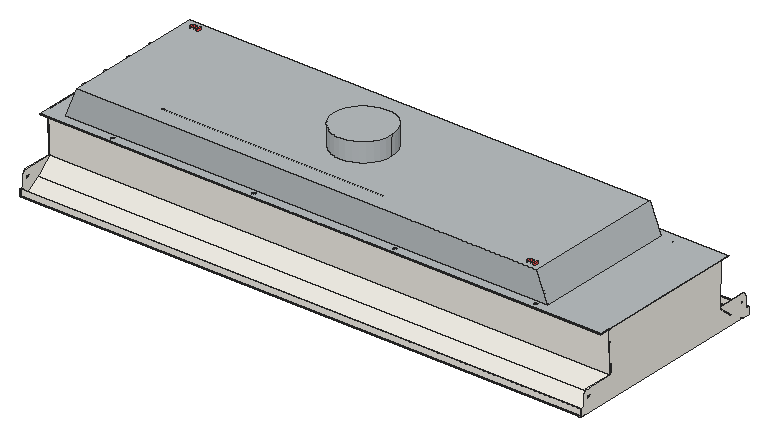
Revit family "NLRS_57_AIR_UN_induction-unit-okni450_LT_sacs", category Mechanical Equipment, Revit 2020
Family settings
  Round Connector Dimension = Use Diameter
  Classification = None
  Part Type = Normal
  OmniClass Number = 23.75.00.00
  OmniClass Title = Climate Control (HVAC)
  Work Plane-Based = No
  Always vertical = Yes
  Cut with Voids When Loaded = No
  Shared = No
  Room Calculation Point = No
Parameters (values of type "450-1200")
  Type Comments = "Do not mirror the model!"  # constant formula
  SACS_Type_Toggle = no
  SACS_Type_Mark [instance] = ""
  SACS_Standard_Color [instance] = yes
  SACS_Real_Width = 445.00 mm  # constant formula
  SACS_Real_Length [instance] = if(Requested length < SACS_Length_X2, SACS_Length_X2, if(Requested length > 2995.00 mm, 2995.00 mm, Requested length))  # 1195.00 mm
  SACS_Plenum_Offset = 555.00 mm
  SACS_Plenum_Material = Sendzimir verzinkt
  SACS_Plenum_L = 980.00 mm
  SACS_Option_4 [instance] = if([Flow configuration (1-3)] < 2, "2-sided", if([Flow configuration (1-3)] = 2, "1-sided left", "1-sided right"))  # "2-sided"
  SACS_Option_2 [instance] = if(Extravent, "AD", if([Nozzle plate type (1-7)] < 2, "A1", if([Nozzle plate type (1-7)] = 2, "A2", if([Nozzle plate type (1-7)] = 3, "B1", if([Nozzle plate type (1-7)] = 4, "B2", if([Nozzle plate type (1-7)] = 5, "B3", if([Nozzle plate type (1-7)] = 6, "C1", "C2")))))))  # "A1"
  SACS_Offset2 = 35.00 mm  # constant formula
  SACS_Offset1 = if(SACS_Base_Index > 2, 55.00 mm, 35.00 mm)  # 35.00 mm
  SACS_Model [instance] = size_lookup(SACS_Data_Hidden, "Model", "NB", SACS_Base_Index * 1.00 mm, SACS_Index1, SACS_Index2, SACS_Index3, SACS_Index4, SACS_Real_Width, SACS_Index5, SACS_Index6)  # "OKNI 450/1200 A1K2 TO32 O1O 445x1195 RAL9010-55"
  SACS_Logo_X = SACS_Plenum_L / 2 - 25.00 mm  # 465.00 mm
  SACS_Length_X2 = 1090.00 mm
  SACS_Length_X [instance] = if(or(SACS_Base_Index = 2, and(not(Extravent), SACS_Base_Index < 4)), 225.00 mm, 300.00 mm)  # 225.00 mm
  SACS_Length_STD = 1195.00 mm
  SACS_Index6 [instance] = if(SACS_Standard_Color, 1.00 mm, 0.00 mm)  # 1.00 mm
  SACS_Index5 [instance] = if(SACS_Real_Length = SACS_Length_STD, SACS_Length_STD, 0.00 mm)  # 1195.00 mm
  SACS_Index4 [instance] = if([Plenum type (1-3)] < 2, 1.00 mm, if([Plenum type (1-3)] = 2, 2.00 mm, 3.00 mm))  # 1.00 mm
  SACS_Index3 [instance] = if([Flow configuration (1-3)] < 2, 1.00 mm, if([Flow configuration (1-3)] = 2, 2.00 mm, 3.00 mm))  # 1.00 mm
  SACS_Index2 [instance] = if([Heat exchanger type (1-3)] < 2, 1.00 mm, if([Heat exchanger type (1-3)] = 2, 2.00 mm, 3.00 mm))  # 1.00 mm
  SACS_Index1 [instance] = if(Extravent, 0.00 mm, if([Nozzle plate type (1-7)] < 2, 1.00 mm, if([Nozzle plate type (1-7)] > 6, 7.00 mm, [Nozzle plate type (1-7)] * 1.00 mm)))  # 1.00 mm
  SACS_Height2 [instance] = if(Extravent, 80.00 mm, 60.00 mm)  # 60.00 mm
  SACS_Height1 [instance] = if(or(and(not(Extravent), SACS_Base_Index < 4), SACS_Base_Index = 1), 265.00 mm, if(SACS_Base_Index = 5, 340.00 mm, 300.00 mm))  # 265.00 mm
  SACS_Flange_Color [instance] = RAL9010
  SACS_Face_Color [instance] = RAL9010 Perforated
  SACS_Data_Hidden [instance] = if(Extravent, "OKNI_450_Extravent", "OKNI_450_Fixed")  # "OKNI_450_Fixed"
  SACS_Custom_Color [instance] = ""
  SACS_Connector_Base_Rotation [instance] = if([Plenum type (1-3)] < 2, 90.00°, if([Plenum type (1-3)] = 2, 180.00°, 0.00°))  # 90.00°
  SACS_Connecter_Height_Offset [instance] = if([Plenum type (1-3)] > 1, (SACS_Height1 - SACS_Diameter / 2) - 2.00 mm, SACS_Height2 - 14.00 mm)  # 46.00 mm
  SACS_Color_Ral [instance] = yes
  SACS_Color [instance] = if(SACS_Standard_Color, "Ral 9010-55", SACS_Custom_Color)  # "Ral 9010-55"
  SACS_Base_Index = 1
  SACS_Article_Code [instance] = size_lookup(SACS_Data_Hidden, "", "NB", SACS_Base_Index * 1.00 mm, SACS_Index1, SACS_Index2, SACS_Index3, SACS_Index4, SACS_Real_Width, SACS_Index5, SACS_Index6)  # "NB"
  SA-Select [instance] = "https://selectietool.solid-air.nl/Dashboard/CPMDashPage/Show/6"
  NLRS_P_c04_diameter [instance] = NLRS_P_c03_diameter  # 12.00 mm
  NLRS_P_c03_volumestroom [instance] = 0.0 L/s
  NLRS_P_c03_drukverlies_statisch [instance] = 0.0 Pa
  NLRS_P_c03_diameter [instance] = 12.00 mm  # constant formula
  NLRS_P_c02_diameter [instance] = NLRS_P_c01_diameter  # 12.00 mm
  NLRS_P_c01_volumestroom [instance] = 0.0 L/s
  NLRS_P_c01_drukverlies_statisch [instance] = 0.0 Pa
  NLRS_P_c01_diameter [instance] = if(SACS_Base_Index < 3, 12.00 mm, 15.00 mm)  # 12.00 mm
  NLRS_M_c01_drukverlies_statisch [instance] = 0.0 Pa
  NLRS_M_c01_debiet [instance] = 0.0 L/s
  NLRS_C_model [instance] = SACS_Model  # "OKNI 450/1200 A1K2 TO32 O1O 445x1195 RAL9010-55"
  NLRS_C_materiaal_kleur [instance] = SACS_Color  # "Ral 9010-55"
  NLRS_C_content_versie = "3.20.01"  # constant formula
  NLRS_C_content_provider = "Solid Air Climate Solutions"  # constant formula
  NLRS_C_content_datum_uitgifte = "30-05-2023"  # constant formula
  NLRS_C_content_creator = "J. Feeke"  # constant formula
  Model = "Solid Air Induction Unit OKNI 450"  # constant formula
  Minumum length OKNI [instance] = SACS_Length_X2  # 1090.00 mm
  Manufacturer = "Solid Air Climate Solutions"  # constant formula
  LoadBearing = 1 = 0  # no
  IfcExportType = "DIFFUSER"  # constant formula
  IfcExportAs = "IfcAirTerminalType"  # constant formula
  IfcDescription = Description  # "Induction unit for use in modular ceilings, Type OKNI 450"
  Heat exchanger type (1-3) [instance] = 1
  Nozzle plate type (1-7) [instance] = 1
  Plenum type (1-3) [instance] = 1
  Flow configuration (1-3) [instance] = 1
  Requested length [instance] = 1195.00 mm
  URL = "https://solid-air.nl/producten/solid-air-inductie-units-okni-450-600/"
  SACS_Option_3 [instance] = if([Heat exchanger type (1-3)] < 2, "K (cooling)", if([Heat exchanger type (1-3)] = 2, "V (cooling & heating)", "O (none)"))  # "K (cooling)"
  SACS_Option_1 [instance] = if(not(Extravent), "Fixed", "Adjustable")  # "Fixed"
  SACS_Diameter [instance] = NLRS_M_c01_diameter - 2.00 mm  # 123.00 mm
  SACS_Connection_Side [instance] = if([Plenum type (1-3)] < 2, "T (top connection)", if([Plenum type (1-3)] = 2, "L (left)", "R (right)"))  # "T (top connection)"
  SACS_Checked_Array_Count [instance] = if(SACS_Real_Length / 300.00 mm < 2, 2, SACS_Real_Length / 300.00 mm)  # 4
  NLRS_M_c01_diameter [instance] = if(SACS_Base_Index = 1, 125.00 mm, if(SACS_Base_Index = 5, 200.00 mm, if(Extravent, 160.00 mm, if(SACS_Base_Index = 4, 160.00 mm, 125.00 mm))))  # 125.00 mm
  FireRating = "00"  # constant formula
  Description = "Induction unit for use in modular ceilings, Type OKNI 450"  # constant formula
  Default Elevation = 0.00 mm
  Ceiling raster width [instance] = SACS_Real_Width + 5.00 mm  # 450.00 mm
  Ceiling raster length [instance] = SACS_Real_Length + 5.00 mm  # 1200.00 mm
  Assembly Code = "57.00"
  Extravent [instance] = no
Types (6, lengths in mm): name | SACS_Real_Length | SACS_Plenum_Offset | SACS_Plenum_L | SACS_Offset1 | SACS_Model | SACS_Logo_X | SACS_Length_X2 | SACS_Length_X | SACS_Length_STD | SACS_Index5 | SACS_Height1 | SACS_Base_Index | SACS_Article_Code | NLRS_P_c02_diameter | NLRS_P_c01_diameter | NLRS_C_model | Minumum length OKNI | Requested length | SACS_Diameter | SACS_Checked_Array_Count | NLRS_M_c01_diameter | Ceiling raster length
  (no name) | 1195.00 | 555.00 | 980.00 | 35.00 | "OKNI 450/1200 A1K2 TO32 O1O 445x1195 RAL9010-55" | 465.00 | 1090.00 | 225.00 | 1195.00 | 1195.00 | 265.00 | 1 | "NB" | 12.00 | 12.00 | "OKNI 450/1200 A1K2 TO32 O1O 445x1195 RAL9010-55" | 1090.00 | 1195.00 | 123.00 | 4 | 125.00 | 1200.00
  450-1200 | 1195.00 | 555.00 | 980.00 | 35.00 | "OKNI 450/1200 A1K2 TO32 O1O 445x1195 RAL9010-55" | 465.00 | 1090.00 | 225.00 | 1195.00 | 1195.00 | 265.00 | 1 | "NB" | 12.00 | 12.00 | "OKNI 450/1200 A1K2 TO32 O1O 445x1195 RAL9010-55" | 1090.00 | 1195.00 | 123.00 | 4 | 125.00 | 1200.00
  450-1500 | 1495.00 | 705.00 | 1280.00 | 35.00 | "OKNI 450/1500 A1K2 TO32 O1O 445x1495 RAL9010-55" | 615.00 | 1390.00 | 225.00 | 1495.00 | 1495.00 | 265.00 | 2 | "NB" | 12.00 | 12.00 | "OKNI 450/1500 A1K2 TO32 O1O 445x1495 RAL9010-55" | 1390.00 | 1495.00 | 123.00 | 5 | 125.00 | 1500.00
  450-1800 | 1795.00 | 840.00 | 1510.00 | 55.00 | "OKNI 450/1800 A1K2 TO32 O1O 445x1795 RAL9010-55" | 730.00 | 1640.00 | 225.00 | 1795.00 | 1795.00 | 265.00 | 3 | "9001001456" | 15.00 | 15.00 | "OKNI 450/1800 A1K2 TO32 O1O 445x1795 RAL9010-55" | 1640.00 | 1795.00 | 123.00 | 6 | 125.00 | 1800.00
  450-2400 | 2395.00 | 1140.00 | 2110.00 | 55.00 | "OKNI 450/2400 A1K2 TO42 O1O 445x2395 RAL9010-55" | 1030.00 | 2240.00 | 300.00 | 2395.00 | 2395.00 | 300.00 | 4 | "NB" | 15.00 | 15.00 | "OKNI 450/2400 A1K2 TO42 O1O 445x2395 RAL9010-55" | 2240.00 | 2395.00 | 158.00 | 8 | 160.00 | 2400.00
  450-3000 | 2995.00 | 1440.00 | 2710.00 | 55.00 | "OKNI 450/3000 A1K2 TO52 O1O 445x2995 RAL9010-55" | 1330.00 | 2840.00 | 300.00 | 2995.00 | 2995.00 | 340.00 | 5 | "NB" | 15.00 | 15.00 | "OKNI 450/3000 A1K2 TO52 O1O 445x2995 RAL9010-55" | 2840.00 | 2995.00 | 198.00 | 10 | 200.00 | 3000.00
Reference planes
  plane 1 "Center (Front/Back)": y = 0
  plane 2: z = 0
  plane 3 "Center (Left/Right)": x = 0
  plane 4 "Grid_Length_Left": x = -600
  plane 5 "Grid_Length_Right": x = 600
  plane 6 "Front": y = -222.5
  plane 7 "Line_Offset": z = 46
  plane 8 "Back": y = 222.5
  plane 9: x = -597.5
  plane 10: x = 597.5
  plane 11 "Left Holes": x = -450
  plane 12 "Hole_offset": x = -150
  plane 13 "Center_Plenum_X": x = -45
  plane 14 "Grid_Width_Back": y = 225
  plane 15 "Grid_Width_Front": y = -225
Forms (mm)
  Extrusion 1, solid, material "RAL9010 Perforated" <- "SACS_Face_Color", detail levels medium+fine
    sketch origin (-72.5, 50, 0) x (1, 0, 0) y (0, 1, 0)
      loop
        line (-524, 48.45) -> (-524, -148.45) -> (669, -148.45) -> (669, 48.45) -> (-524, 48.45)
    from 1 to 2
  Extrusion 2, solid, material "Sendzimir verzinkt" <- "SACS_Plenum_Material", detail levels medium+fine
    sketch origin (0, 0, 0) x (1, 0, 0) y (0, 1, 0)
      loop
        line (-597.5, 169.5) -> (-597.5, -169.5) -> (597.5, -169.5) -> (597.5, 169.5) -> (-597.5, 169.5)
    from 135 to 136
  Extrusion 3, solid, material "Copper", detail levels medium+fine
    sketch origin (0, 0, 0) x (1, 0, 0) y (0, 1, 0)
      loop
        circle (-565, 88) r 6
      loop
        circle (-565, 30) r 6
      loop
        circle (-565, -30) r 6
      loop
        circle (-565, -88) r 6
    from 136 to 166
  Sweep 4, solid, material "RAL9010" <- "SACS_Flange_Color", detail levels medium+fine
    path in 3D
      loop
        line (-596.5, 0, 0) -> (596.5, 0, 0)
    profile "profile okni_Side 450 : profile okni_Side 450" origin (0, 0, 0) x (0, 1, 0) y (0, 0, 1)
      loop
        line (222.5, 1.75) -> (222.5, 16) -> (221.5, 16) -> (221.5, 1.824)
        arc (221.5, 1.824) -> (221.24, 1.197) -> (220.614, 0.937) r 0.886
        line (220.614, 0.937) -> (208.005, 0.937) -> (175.926, 20.088) -> (145.5, 47) -> (149.5, 133.991) -> (169.5, 133.991) -> (169.5, 135) -> (148.545, 135) -> (144.479, 46.568) -> (175.333, 19.277) -> (207.624, 0) -> (220.75, 0)
        arc (220.75, 0) -> (221.987, 0.513) -> (222.5, 1.75) r 1.75
      loop
        line (98.45, 0.7) -> (152.05, 0.7)
        arc (152.05, 0.7) -> (153.982, 2.182) -> (153.051, 4.432) r 2
        line (153.051, 4.432) -> (117.75, 24.834)
        arc (117.75, 24.834) -> (117.384, 25.2) -> (117.25, 25.7) r 1
        line (117.25, 25.7) -> (117.25, 68.25) -> (116.25, 68.25) -> (116.25, 25.7)
        arc (116.25, 25.7) -> (116.518, 24.7) -> (117.249, 23.968) r 2
        line (117.249, 23.968) -> (152.55, 3.566)
        arc (152.55, 3.566) -> (153.016, 2.441) -> (152.05, 1.7) r 1
        line (152.05, 1.7) -> (98.45, 1.7) -> (98.45, 0.7)
      loop
        line (-98.45, 0.7) -> (-98.45, 1.7) -> (-151.767, 1.7)
        arc (-151.767, 1.7) -> (-152.733, 2.441) -> (-152.268, 3.566) r 1
        line (-152.268, 3.566) -> (-117.249, 23.968)
        arc (-117.249, 23.968) -> (-116.518, 24.7) -> (-116.25, 25.7) r 2
        line (-116.25, 25.7) -> (-116.25, 68.25) -> (-117.25, 68.25) -> (-117.25, 25.7)
        arc (-117.25, 25.7) -> (-117.384, 25.2) -> (-117.75, 24.834) r 1
        line (-117.75, 24.834) -> (-152.768, 4.432)
        arc (-152.768, 4.432) -> (-153.699, 2.182) -> (-151.767, 0.7) r 2
        line (-151.767, 0.7) -> (-98.45, 0.7)
      loop
        arc (-222.5, 1.75) -> (-221.987, 0.513) -> (-220.75, 0) r 1.75
        line (-220.75, 0) -> (-207.624, 0) -> (-175.333, 19.277) -> (-144.479, 46.568) -> (-148.545, 135) -> (-169.5, 135) -> (-169.5, 133.991) -> (-149.5, 133.991) -> (-145.5, 47) -> (-175.926, 20.088) -> (-208.005, 0.937) -> (-220.614, 0.937)
        arc (-220.614, 0.937) -> (-221.24, 1.197) -> (-221.5, 1.824) r 0.886
        line (-221.5, 1.824) -> (-221.5, 16) -> (-222.5, 16) -> (-222.5, 1.75)
  Extrusion 5, solid, material "Sendzimir verzinkt" <- "SACS_Plenum_Material", detail levels medium+fine
    sketch origin (-45, 0, 196) x (1, 0, 0) y (0, 1, 0)
      loop
        circle (0, 0.066) r 61.5
    from 0 to 40
Lines and regions (mm)
  model lines, style "MechanicalEquipmentHiddenLines", not visible
    curve 1: line (-596.5, 0, 0) -> (596.5, 0, 0)
  sketch lines
    curve 2: line (-596.5, 0, 0) -> (596.5, 0, 0)
  reference lines
    curve 3: line (-45, 0, 46) -> (-45, 0, 196)
Dimensions and locks
  "SACS_Connecter_Height_Offset": plane 7 "Line_Offset" to level
  equal spacing: Extrusion 3 sketch curve, plane 1 "Center (Front/Back)", Extrusion 3 sketch curve  (x2)
  locked: Extrusion 3 sketch curve to Extrusion 3 sketch curve at 60
  "SACS_Offset1": plane 4 "Grid_Length_Left" to Extrusion 3 sketch curve  (x2)
  locked: Extrusion 3 sketch curve to Extrusion 3 sketch curve at 176
  plane 1 "Center (Front/Back)" to Extrusion 1 sketch curve = 98.45 mm  (x2)
  locked: Extrusion 1 sketch curve to plane 5 "Grid_Length_Right" at 3.5
  locked: plane 4 "Grid_Length_Left" to Extrusion 1 sketch curve at 3.5
  equal spacing: plane 4 "Grid_Length_Left", plane 3 "Center (Left/Right)", plane 5 "Grid_Length_Right"
  "Ceiling raster length": plane 4 "Grid_Length_Left" to plane 5 "Grid_Length_Right"
  locked: plane 4 "Grid_Length_Left" to plane 11 "Left Holes" at 150
  locked: plane 11 "Left Holes" to plane 12 "Hole_offset" at 300
  equal spacing: group 1, group 2, group 3, group 4  (x3)
  "SACS_Offset2": plane 4 "Grid_Length_Left" to Extrusion 3 sketch curve  (x2)
  locked: plane 4 "Grid_Length_Left" to plane 9 at 2.5
  locked: plane 10 to plane 5 "Grid_Length_Right" at 2.5
  Extrusion 2 sketch curve to plane 1 "Center (Front/Back)" to Extrusion 2 sketch curve = 169.50 mm locked, 169.50 mm locked
  locked: curve 1 to plane 5 "Grid_Length_Right" at 3.5
  locked: curve 1 to plane 4 "Grid_Length_Left" at 3.5
  "SACS_Plenum_Offset": plane 4 "Grid_Length_Left" to plane 13 "Center_Plenum_X"
  locked: curve 3 to curve 3 at 150
  locked: curve 3 to plane 7 "Line_Offset"
  locked: curve 3 to plane 1 "Center (Front/Back)"
  nested 7 to level = 196.00 mm
  equal spacing: plane 14 "Grid_Width_Back", plane 1 "Center (Front/Back)", plane 15 "Grid_Width_Front"
  "Ceiling raster width": plane 14 "Grid_Width_Back" to plane 15 "Grid_Width_Front"
  locked: plane 14 "Grid_Width_Back" to plane 8 "Back" at 2.5
  locked: plane 6 "Front" to plane 15 "Grid_Width_Front" at 2.5
  "SACS_Logo_X": nested 9 to plane 13 "Center_Plenum_X"
  plane 13 "Center_Plenum_X" to nested 10 = 468.00 mm
  locked: plane 1 "Center (Front/Back)" to nested 9 at 135
  locked: nested 10 to plane 1 "Center (Front/Back)" at 135
  "NLRS_P_c01_diameter": diameter of Extrusion 3 sketch curve  (x2)
  "NLRS_P_c03_diameter": diameter of Extrusion 3 sketch curve  (x2)
  "SACS_Diameter": diameter of Extrusion 5 sketch curve
  "SACS_Connector_Base_Rotation": angle curve 3 to plane 7 "Line_Offset"
  aligned and locked: level to plane 2
  aligned and locked: plane 11 "Left Holes" to nested 1
  aligned and locked: plane 12 "Hole_offset" to nested 2
  aligned and locked: Extrusion 2 sketch curve to plane 10
  aligned and locked: plane 9 to Extrusion 2 sketch curve
  aligned and locked: plane 13 "Center_Plenum_X" to nested 7
  aligned and locked: plane 1 "Center (Front/Back)" to nested 7
  aligned and locked: plane 3 "Center (Left/Right)" to nested 8
  aligned and locked: nested 8 to plane 1 "Center (Front/Back)"
  aligned and locked: nested 5 to plane 1 "Center (Front/Back)"
  aligned and locked: nested 5 to plane 9
  aligned and locked: plane 1 "Center (Front/Back)" to nested 6
  aligned and locked: plane 10 to nested 6
Automatic sketch dimensions
  plane 1 "Center (Front/Back)" to curve 1 = 0.00 mm
  Extrusion 5 sketch curve to plane 13 "Center_Plenum_X" = 0.00 mm
  Extrusion 5 sketch curve to plane 1 "Center (Front/Back)" = 0.066 mm
Nested families
  nested 1: "Okni_hanger_holes 450" at (-450, 0, 136), type "Okni_hanger_holes"
  nested 2: "Okni_hanger_holes 450" at (-150, 0, 136), type "Okni_hanger_holes"
  nested 3: "Okni_hanger_holes 450" at (150, 0, 136), type "Okni_hanger_holes"
  nested 4: "Okni_hanger_holes 450" at (450, 0, 136), type "Okni_hanger_holes"
  nested 5: "Okni_Sideplate 450" at (-596.5, 0, 0) x (-1, 0, 0) z (0, 0, 1), type "Okni_Sideplate 450", detail levels medium+fine
  nested 6: "Okni_Sideplate 450" at (596.5, 0, 0), type "Okni_Sideplate 450", detail levels medium+fine
  nested 7: "Okni_Plenum 450" at (-45, 0, 136), type "Okni_Plenum", detail levels medium+fine
  nested 8: "Supply_Arrows_OKNI" at (0, 0, 0) x (0, 1, 0) z (0, 0, 1), type "Supply_Arrows_OKNI"
  nested 9: "logo_single" at (-510, 135, 196), type "logo_single", detail levels medium+fine
  nested 10: "logo_single" at (423, -135, 196), type "logo_single", detail levels medium+fine
Connectors
  hvac at (-45, 0.066, 196), driven by "NLRS_M_c01_diameter", driven by "NLRS_M_c01_debiet", driven by "NLRS_M_c01_drukverlies_statisch"
    settings: on Extrusion 5, index 1, duct flow 0.0 L/s, flow factor 0, pres drop 0.0 Pa, loss coef 0, conn angle 0.00°, conn width 304.8 mm, conn height 304.8 mm, conn diameter 125 mm, duct sys type 1, conn prof type 0, flow config 1, flow direction 1, loss method 4, conn ref index -1, conn util no, is conn primary yes, conn desc ""
  piping at (-565, 30, 166), diameter 12, driven by "NLRS_P_c01_diameter", driven by "NLRS_P_c01_volumestroom", driven by "NLRS_P_c01_drukverlies_statisch"
    settings: on Extrusion 3, index 2, connector inside diameter 609.6 mm, connector length 0.00 mm, flow factor 0, pipe flow 0.0 L/s, pressure drop 0.0 Pa, fitting loss kfactor 0, connector angle 0.00°, fixture units 0, engagement length 0.00 mm, angle of deflection 0.00°, flow configuration 1, flow direction 0, fitting loss method 4, system type 29, joint type 0, gender type 0, connector reference index -1, connector utility 0, adjustable connector no, is connector primary yes, connector description "Heating"
  piping at (-565, -30, 166), diameter 12, driven by "NLRS_P_c01_diameter", driven by "NLRS_P_c01_volumestroom", driven by "NLRS_P_c01_drukverlies_statisch"
    settings: on Extrusion 3, index 3, connector inside diameter 609.6 mm, connector length 0.00 mm, flow factor 0, pipe flow 0.0 L/s, pressure drop 0.0 Pa, fitting loss kfactor 0, connector angle 0.00°, fixture units 0, engagement length 0.00 mm, angle of deflection 0.00°, flow configuration 1, flow direction 0, fitting loss method 4, system type 29, joint type 0, gender type 0, connector reference index -1, connector utility 0, adjustable connector no, is connector primary no, connector description "Heating"
  piping at (-565, 88, 166), diameter 12, driven by "NLRS_P_c03_diameter", driven by "NLRS_P_c03_volumestroom", driven by "NLRS_P_c03_drukverlies_statisch"
    settings: on Extrusion 3, index 4, connector inside diameter 609.6 mm, connector length 0.00 mm, flow factor 0, pipe flow 0.0 L/s, pressure drop 0.0 Pa, fitting loss kfactor 0, connector angle 0.00°, fixture units 0, engagement length 0.00 mm, angle of deflection 0.00°, flow configuration 1, flow direction 0, fitting loss method 4, system type 29, joint type 0, gender type 0, connector reference index -1, connector utility 0, adjustable connector no, is connector primary no, connector description "Cooling"
  piping at (-565, -88, 166), diameter 12, driven by "NLRS_P_c03_diameter", driven by "NLRS_P_c03_volumestroom", driven by "NLRS_P_c03_drukverlies_statisch"
    settings: on Extrusion 3, index 5, connector inside diameter 609.6 mm, connector length 0.00 mm, flow factor 0, pipe flow 0.0 L/s, pressure drop 0.0 Pa, fitting loss kfactor 0, connector angle 0.00°, fixture units 0, engagement length 0.00 mm, angle of deflection 0.00°, flow configuration 1, flow direction 0, fitting loss method 4, system type 29, joint type 0, gender type 0, connector reference index -1, connector utility 0, adjustable connector no, is connector primary no, connector description "Cooling"
Definition of nested family "Okni_Sideplate 450"
  Parameters (values of type "Okni_Sideplate 450")
    y8 = 31.50 mm  # constant formula
    y7 = 135.00 mm  # constant formula
    y6 = 16.00 mm  # constant formula
    y3 = 1.00 mm  # constant formula
    y1 = 47.00 mm  # constant formula
    x6 = 291.00 mm / 2  # 145.50 mm
    x5 = 409.00 mm / 2  # 204.50 mm
    x4 = 418.00 mm / 2  # 209.00 mm
    x3 = 431.00 mm / 2  # 215.50 mm
    x2 = 416.00 mm / 2  # 208.00 mm
    x1 = 299.00 mm / 2  # 149.50 mm
    material = none
    y2 = 40.00 mm  # constant formula
    Type_400 = yes
    Half_Width = if(Type_400, 443.00 mm, 293.00 mm) / 2  # 221.50 mm
    Default Elevation = 0.00 mm
  Reference planes
    plane 1 "Center (Front/Back)": y = 0
    plane 2: z = 0
    plane 3 "Center (Left/Right)": x = 0
  Forms (mm)
    Extrusion 1, solid, material <- "material"
      sketch origin (0, 0, 0) x (0, 1, 0) y (0, 0, 1)
        loop
          line (0, 0) -> (208, 0) -> (208, 1) -> (221.5, 1) -> (221.5, 16) -> (215.5, 16) -> (215.5, 40) -> (209, 47) -> (145.5, 47) -> (149.5, 135) -> (0, 135) -> (-149.5, 135) -> (-145.5, 47) -> (-209, 47) -> (-215.5, 40) -> (-215.5, 16) -> (-221.5, 16) -> (-221.5, 1) -> (-208, 1) -> (-208, 0) -> (0, 0)
        loop
          circle (204.5, 31.5) r 4
        loop
          circle (-204.5, 31.5) r 4
      from 0 to 1
    Extrusion 2, solid, material <- "material"
      sketch origin (0, 0, 0) x (1, 0, 0) y (0, 1, 0)
        loop
          line (-13.8, 208) -> (-13.8, -208) -> (0, -208) -> (0, 208) -> (-13.8, 208)
      from 0 to 1
  Cuts and joins
    joined: Extrusion 1, Extrusion 2
  Dimensions and locks
    "y3": Extrusion 1 sketch curve to Extrusion 1 sketch curve  (x2)
    "y6": Extrusion 1 sketch curve to Extrusion 1 sketch curve  (x2)
    "y1": Extrusion 1 sketch curve to Extrusion 1 sketch curve  (x2)
    "y2": Extrusion 1 sketch curve to Extrusion 1 sketch curve  (x2)
    "y7": Extrusion 1 sketch curve to Extrusion 1 sketch curve  (x2)
    "x1": Extrusion 1 sketch curve to plane 1 "Center (Front/Back)" to Extrusion 1 sketch curve
    "x3": Extrusion 1 sketch curve to plane 1 "Center (Front/Back)" to Extrusion 1 sketch curve
    "x2": Extrusion 1 sketch curve to plane 1 "Center (Front/Back)" to Extrusion 1 sketch curve
    "Half_Width": Extrusion 1 sketch curve to plane 1 "Center (Front/Back)" to Extrusion 1 sketch curve
    "x2": plane 1 "Center (Front/Back)" to Extrusion 2 sketch curve
    "x2": Extrusion 2 sketch curve to plane 1 "Center (Front/Back)"
    "y8": Extrusion 1 sketch curve to level  (x2)
    "x5": Extrusion 1 sketch curve to plane 1 "Center (Front/Back)"
    "x5": plane 1 "Center (Front/Back)" to Extrusion 1 sketch curve
    "x4": Extrusion 1 sketch curve to plane 1 "Center (Front/Back)" to Extrusion 1 sketch curve
    "x6": Extrusion 1 sketch curve to plane 1 "Center (Front/Back)" to Extrusion 1 sketch curve
    locked: Extrusion 2 sketch curve to plane 3 "Center (Left/Right)" at 13.8
    aligned and locked: level to plane 2
  Automatic sketch dimensions
    Extrusion 1 sketch curve to plane 1 "Center (Front/Back)" = 0.00 mm  (x2)
    Extrusion 1 sketch curve to level = 0.00 mm
    Extrusion 2 sketch curve to plane 3 "Center (Left/Right)" = 0.00 mm
    radius of Extrusion 1 sketch curve = 4.00 mm  (x2)
Definition of nested family "Okni_Plenum 450"
  Parameters (values of type "Okni_Plenum")
    material = none
    Type_Left = Connection_Type = 2  # no
    Show_Plenum = Connection_Type > 1  # no
    Plenum_Width = 225.00 mm
    Plenum_Top_Height = Plenum_H - 135.00 mm  # 130.00 mm
    Plenum_H = 265.00 mm
    Plenum_Base_Width = 980.00 mm
    Plenum_Base_Height = 60.00 mm
    Plenum_Base_Angle = if(Plenum_Base_Height = 40.00 mm, 60.00°, 69.00°)  # 69.00°
    Default Elevation = 0.00 mm
    Connection_Type = 1
    B = 300.00 mm  # constant formula
    Angle_Right = if(Type_Left, 90.00°, 40.00°)  # 40.00°
    Angle_Left = if(Type_Left, 40.00°, 90.00°)  # 90.00°
  Reference planes
    plane 1 "Center (Front/Back)": y = 0
    plane 2: z = 0
    plane 3 "Center (Left/Right)": x = 0
    plane 4: y = 150
    plane 5: y = -150
    plane 6: z = 130
    plane 7: x = -112.5
    plane 8: x = 112.5
    plane 9 "left": x = -490
    plane 10: x = 490
    plane 11: z = 60
  Forms (mm)
    Extrusion 1, solid, material <- "material", visible <- "Show_Plenum"
      sketch origin (0, 0, 40) x (0, 1, 0) y (0, 0, 1)
        loop
          line (150, 20) -> (150, 90) -> (-66.577, 90) -> (-150, 20) -> (150, 20)
      from -112.5 to 112.5
    Extrusion 2, solid, material <- "material"
      sketch origin (0, 0, 0) x (1, 0, 0) y (0, 0, 1)
        loop
          line (-490, 60) -> (-513.032, 0) -> (513.032, 0) -> (490, 60) -> (-490, 60)
      from -150 to 150
  Dimensions and locks
    plane 4 to plane 1 "Center (Front/Back)" = 150.00 mm
    plane 1 "Center (Front/Back)" to plane 5 = 150.00 mm
    equal spacing: plane 7, plane 3 "Center (Left/Right)", plane 8
    "Plenum_Width": plane 7 to plane 8
    equal spacing: plane 9 "left", plane 3 "Center (Left/Right)", plane 10
    "Plenum_Base_Width": plane 9 "left" to plane 10
    "Plenum_Base_Height": plane 11 to level
    "Plenum_Top_Height": plane 6 to level
    equal spacing: plane 5, plane 1 "Center (Front/Back)", plane 4
    "B": plane 5 to plane 4
    "Angle_Left": angle Extrusion 1 sketch curve to Extrusion 1 sketch curve
    "Angle_Right": angle Extrusion 1 sketch curve to Extrusion 1 sketch curve
    "Plenum_Base_Angle": angle Extrusion 2 sketch curve to Extrusion 2 sketch curve  (x2)
    aligned and locked: level to plane 2
    aligned and locked: plane 6 to Extrusion 1 sketch curve
    aligned and locked: plane 5 to Extrusion 1 sketch curve
    aligned and locked: plane 4 to Extrusion 1 sketch curve
    aligned and locked: Extrusion 1 to plane 7
    aligned and locked: plane 8 to Extrusion 1
    aligned and locked: plane 9 "left" to Extrusion 2 sketch curve
    aligned and locked: plane 10 to Extrusion 2 sketch curve
    aligned and locked: Extrusion 2 to plane 4
    aligned and locked: plane 5 to Extrusion 2
    aligned and locked: Extrusion 2 to plane 5
    aligned and locked: Extrusion 1 sketch curve to plane 11
    aligned and locked: plane 11 to Extrusion 2 sketch curve
  Automatic sketch dimensions
    Extrusion 2 sketch curve to level = 0.00 mm
Definition of nested family "logo_single"
  Parameters (values of type "logo_single")
    t = 5.00 mm
    Model = "LOD 400"
    Description = "Model type"
    Default Elevation = 1219.20 mm
  Reference planes
    plane 1 "Center (Front/Back)": y = 0
    plane 2: z = 0
    plane 3 "Center (Left/Right)": x = 0
    plane 4: z = 2
    plane 5: x = -10
    plane 6: y = -5
    plane 7: y = 5
    plane 8: x = -5
    plane 9: x = 5
    plane 10: x = 10
  Forms (mm)
    Extrusion 1, solid
      sketch origin (-547.644, -297.937, 0) x (1, 0, 0) y (0, 1, 0)
        loop
          arc (542.644, 302.937) -> (537.644, 297.937) -> (542.644, 292.937) r 5
          line (542.644, 292.937) -> (542.644, 297.937) -> (547.644, 292.937) -> (547.644, 297.937) -> (542.644, 302.937)
      from 0 to 2
    Extrusion 2, solid
      sketch origin (0, 0, 0) x (1, 0, 0) y (0, 1, 0)
        loop
          arc (5, -5) -> (10, 0) -> (5, 5) r 5
          line (5, 5) -> (5, 0) -> (0, 5) -> (0, 0) -> (5, -5)
      from 0 to 2
  Dimensions and locks
    "t": plane 7 to plane 1 "Center (Front/Back)"
    "t": plane 6 to plane 1 "Center (Front/Back)"
    "t": plane 5 to plane 8
    "t": plane 8 to plane 3 "Center (Left/Right)"
    "t": plane 3 "Center (Left/Right)" to plane 9
    "t": plane 9 to plane 10
    aligned and locked: level to plane 2
    aligned and locked: plane 4 to Extrusion 1
  Automatic sketch dimensions
    plane 1 "Center (Front/Back)" to Extrusion 1 sketch curve = 0.00 mm  (x3)
    Extrusion 1 sketch curve to plane 8 = 0.00 mm
    Extrusion 1 sketch curve to plane 7 = 0.00 mm
    Extrusion 1 sketch curve to plane 3 "Center (Left/Right)" = 0.00 mm
    Extrusion 1 sketch curve to plane 6 = 0.00 mm
    Extrusion 2 sketch curve to plane 3 "Center (Left/Right)" = 0.00 mm
    plane 1 "Center (Front/Back)" to Extrusion 2 sketch curve = 0.00 mm  (x3)
    Extrusion 2 sketch curve to plane 6 = 0.00 mm
    Extrusion 2 sketch curve to plane 9 = 0.00 mm
    Extrusion 2 sketch curve to plane 7 = 0.00 mm
Definition of nested family "Supply_Arrows_OKNI"
  Parameters (values of type "Supply_Arrows_OKNI")
    Width = 295.00 mm
    Right = not(Flow Type = 2)  # yes
    Offset = (Length - ((Count - 1) * 300.00 mm)) / 2  # 147.50 mm
    Length = 1195.00 mm
    Left = Flow Type < 3  # yes
    Flow Type = 1
    Enabled = yes
    Count = rounddown((Length - 150.00 mm) / 300.00 mm) + 1  # 4
  Reference planes
    plane 1 "Center (Front/Back)": y = 0
    plane 2: z = 0
    plane 3 "Center (Left/Right)": x = 0
    plane 4: y = 597.5
    plane 5: y = 0
    plane 6: y = -597.5
    plane 7: x = 0
    plane 8: y = 0
    plane 9 "left": x = -147.5
    plane 10 "right": x = 147.5
  Lines and regions (mm)
    detail lines, in view "Ref. Level", detail levels coarse
      curve 1: line (147.5, 597.5, 0) -> (-147.5, 597.5, 0)
      curve 2: line (147.5, -597.5, 0) -> (147.5, 597.5, 0)
      curve 3: line (-147.5, -597.5, 0) -> (147.5, -597.5, 0)
      curve 4: line (-147.5, 597.5, 0) -> (-147.5, -597.5, 0)
      curve 5: line (-147.5, 597.5, 0) -> (147.5, -597.5, 0)
      curve 6: line (147.5, 597.5, 0) -> (-147.5, -597.5, 0)
  Dimensions and locks
    locked: plane 3 "Center (Left/Right)" to plane 7
    equal spacing: plane 4, plane 1 "Center (Front/Back)", plane 6
    "Length": plane 4 to plane 6
    equal spacing: plane 9 "left", plane 3 "Center (Left/Right)", plane 10 "right"
    "Width": plane 9 "left" to plane 10 "right"
    locked: plane 10 "right" to nested 1 at 25
    locked: nested 2 to plane 9 "left" at 25
    "Offset": nested 1 to plane 6
    equal spacing: group 1, group 2, group 3, group 4  (x3)
    locked: nested 1 to nested 3 at 300
    locked: plane 10 "right" to nested 3 at 25
    "Offset": nested 2 to plane 6
    equal spacing: group 5, group 6, group 7, group 8  (x3)
    locked: nested 6 to nested 2 at 300
    locked: nested 6 to plane 9 "left" at 25
    aligned and locked: plane 4 to curve 1
    aligned and locked: curve 3 to plane 6
    aligned and locked: curve 4 to plane 9 "left"
    aligned and locked: plane 6 to curve 2
    aligned and locked: plane 10 "right" to curve 2
  Nested families
    nested 1: "Arrow" at (172.5, -450, 0), visible <- "Right", type "Arrow", in view "Ref. Level"
    nested 2: "Arrow" at (-172.5, -450, 0) x (-1, 0, 0) z (0, 0, 1), visible <- "Left", type "Arrow", in view "Ref. Level"
    nested 3: "Arrow" at (172.5, -150, 0), visible <- "Right", type "Arrow", in view "Ref. Level"
    nested 4: "Arrow" at (172.5, 150, 0), visible <- "Right", type "Arrow", in view "Ref. Level"
    nested 5: "Arrow" at (172.5, 450, 0), visible <- "Right", type "Arrow", in view "Ref. Level"
    nested 6: "Arrow" at (-172.5, -150, 0) x (-1, 0, 0) z (0, 0, 1), visible <- "Left", type "Arrow", in view "Ref. Level"
    nested 7: "Arrow" at (-172.5, 150, 0) x (-1, 0, 0) z (0, 0, 1), visible <- "Left", type "Arrow", in view "Ref. Level"
    nested 8: "Arrow" at (-172.5, 450, 0) x (-1, 0, 0) z (0, 0, 1), visible <- "Left", type "Arrow", in view "Ref. Level"
  Definition of nested family "Arrow"
    Parameters (values of type "Arrow")
      Offset = 400.00 mm
      Arrow_Length = 175.00 mm  # constant formula
    Reference planes
      plane 1 "Center (Front/Back)": y = 0
      plane 2: z = 0
      plane 3 "Center (Left/Right)": x = 0
      plane 4: x = 175
      plane 5: y = 0
      plane 6: x = 175
      plane 7: x = 0
      plane 8: y = 0
    Lines and regions (mm)
      Filled region 1, type "Solid Fill - Black", in view "Ref. Level"
        outline origin (0, 0, 0) x (0, -1, 0) y (1, 0, 0)
          loop
            line (0, 175) -> (-21.131, 129.685) -> (21.131, 129.685) -> (0, 175)
      detail lines, in view "Ref. Level"
        curve 1: line (0, 0, 0) -> (152.343, 0, 0)
    Dimensions and locks
      locked: plane 3 "Center (Left/Right)" to plane 7
      locked: plane 8 to plane 1 "Center (Front/Back)" at 0
      locked: Filled region 1 sketch curve to Filled region 1 sketch curve at 50  (x2)
      "Arrow_Length": plane 3 "Center (Left/Right)" to plane 6
      locked: Filled region 1 sketch curve to curve 1 (angle 25.00°)
      locked: curve 1 to Filled region 1 sketch curve (angle 25.00°)
    Automatic sketch dimensions
      plane 1 "Center (Front/Back)" to Filled region 1 sketch curve = 0.00 mm
      Filled region 1 sketch curve to plane 4 = 45.315 mm
      plane 1 "Center (Front/Back)" to curve 1 = 0.00 mm
      curve 1 to plane 3 "Center (Left/Right)" = 0.00 mm
      curve 1 to plane 4 = 22.657 mm
